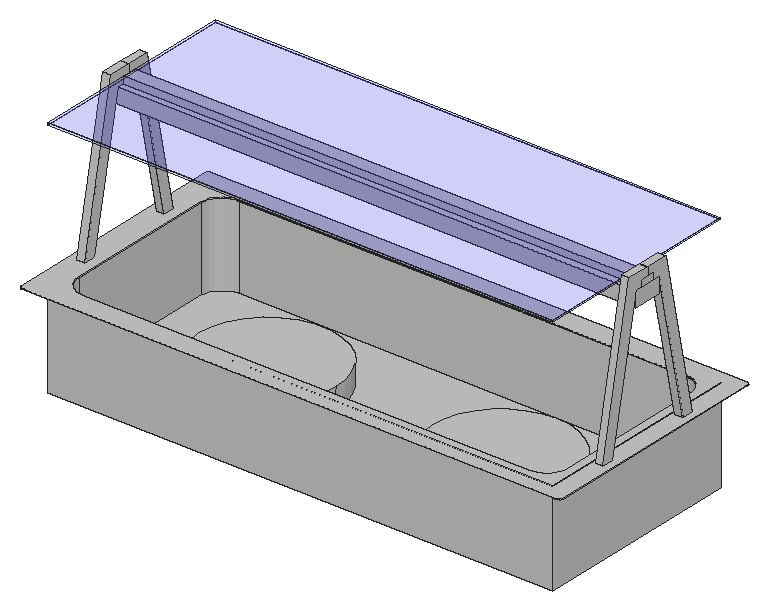
Revit family "QF_ELECTROLUXPROFESSIONAL_341161_D03C3", category Attrezzature speciali, Revit 2020
Family settings
  Quota connettore circolare = Usa diametro
  Tipo di parte = Normale
  Basato su piano di lavoro = No
  Sempre verticale = Sì
  Taglio con vuoti quando caricato = No
  Condiviso = No
  Punto di calcolo locali = No
Parameters (values of type "Standard")
  Weight = 57.05 kg
  Watts = 0 W
  Volts = 220 V
  URL Manufacturer = "https://www.electroluxprofessional.com/"
  URL = "https://www.electroluxprofessional.com/"
  Steam Supply Size = 0 mm
  Steam Supply Minimum Pressure = 0.0 Pa
  Steam Supply Maximum Pressure = 0.0 Pa
  Steam Consumption per Hour = 0
  Refrigeration Suction Line Size = 0 mm
  Refrigeration Liquid Line Size = 0 mm
  Refrigerant Compressor Remote = yes
  Prospetto di default = 0 mm
  Produttore = "Electrolux Professional"
  Phase = 1
  Modello = "D03C3"
  Length Actual = 1420 mm  # constant formula
  Item Number = "341161"
  Hot Water Size = 0 mm
  Height Actual = 680 mm  # constant formula
  HP = "0 HP"
  Gas Size = 0 mm
  Gas KW = 0
  Gas Input Pressure = 0 W
  Direct Waste Size = 0 mm
  Descrizione = "DROP-IN BAIN-MARIE, AIR VENTILATED, SINGLE WELL, 4GN WITH A TYPE OVERSHELF AND HALOGEN LAMP"
  Depth Actual = 620 mm  # constant formula
  Cycle = 50 Hz
  Condensate Return Size = 0 mm
  Compressed Air Volume = 0.0 L/s
  Compressed Air Size = 0 mm
  Compressed Air Pressure = 0.0 Pa
  Cold Water Size = 0 mm
  Accessory = yes
Reference planes
  plane 1 "BACK": y = 0
  plane 2: z = 5.426
  plane 3 "LEFT": x = 0
  plane 4: y = -620
  plane 5: x = 1420
  plane 6: z = 409.426
  plane 7: y = -310
  plane 8: x = 710
Forms (mm)
  Extrusion 1, solid, material "QF_Finishes_Stainless Steel"
    sketch origin (0, 0, 5.426) x (1, 0, 0) y (0, 1, 0)
      loop
        arc (10, 0) -> (2.929, -2.929) -> (0, -10) r 10
        line (0, -10) -> (0, -610)
        arc (0, -610) -> (2.929, -617.071) -> (10, -620) r 10
        line (10, -620) -> (1410, -620)
        arc (1410, -620) -> (1417.071, -617.071) -> (1420, -610) r 10
        line (1420, -610) -> (1420, -10)
        arc (1420, -10) -> (1417.071, -2.929) -> (1410, 0) r 10
        line (1410, 0) -> (10, 0)
    from 0 to 1
  Extrusion 2, solid, material "QF_Finishes_Stainless Steel"
    sketch origin (0, 0, 12.548) x (1, 0, 0) y (0, 1, 0)
      loop
        line (50, -35) -> (50, -585) -> (1370, -585) -> (1370, -35) -> (50, -35)
    from -251.122 to -7.122
  Extrusion 3, void
    sketch origin (0, 0, -2.817) x (1, 0, 0) y (0, 1, 0)
      loop
        arc (125, -55) -> (86.109, -71.109) -> (70, -110) r 55
        line (70, -110) -> (70, -510)
        arc (70, -510) -> (86.109, -548.891) -> (125, -565) r 55
        line (125, -565) -> (1295, -565)
        arc (1295, -565) -> (1333.891, -548.891) -> (1350, -510) r 55
        line (1350, -510) -> (1350, -110)
        arc (1350, -110) -> (1333.891, -71.109) -> (1295, -55) r 55
        line (1295, -55) -> (125, -55)
    from -209.107 to 9.244
  Extrusion 4, solid, material "QF_Finishes_Stainless Steel"
    sketch origin (21.5, -620, 0) x (0, -1, 0) y (0, 0, -1)
      loop
        line (-310, -409.426) -> (-250.873, -409.426) -> (-165, -5.426) -> (-195, -5.426) -> (-272.583, -370.426) -> (-310, -370.426) -> (-310, -409.426)
    from 0 to 20
  Extrusion 5, solid, material "QF_Finishes_Stainless Steel"
    sketch origin (21.5, 0, 0) x (0, 1, 0) y (0, 0, 1)
      loop
        line (-310, 409.426) -> (-310, 370.426) -> (-272.583, 370.426) -> (-195, 5.426) -> (-165, 5.426) -> (-250.873, 409.426) -> (-310, 409.426)
    from 0 to 20
  Extrusion 6, solid, material "QF_Finishes_Stainless Steel"
    sketch origin (1398.5, -620, 0) x (0, -1, 0) y (0, 0, 1)
      loop
        line (-310, 409.426) -> (-310, 370.426) -> (-272.583, 370.426) -> (-195, 5.426) -> (-165, 5.426) -> (-250.873, 409.426) -> (-310, 409.426)
    from 0 to 20
  Extrusion 7, solid, material "QF_Finishes_Stainless Steel"
    sketch origin (1398.5, 0, 0) x (0, 1, 0) y (0, 0, -1)
      loop
        line (-310, -409.426) -> (-250.873, -409.426) -> (-165, -5.426) -> (-195, -5.426) -> (-272.583, -370.426) -> (-310, -370.426) -> (-310, -409.426)
    from 0 to 20
  Extrusion 8, solid, material "QF_Finishes_Stainless Steel"
    sketch origin (0, 0, 0) x (0, 1, 0) y (0, 0, 1)
      loop
        line (-291.292, 370.426) -> (-291.292, 387.956) -> (-328.917, 387.956) -> (-328.917, 370.426) -> (-291.292, 370.426)
    from 21.5 to 1398.5
  Extrusion 9, solid, material "Vetro"
    sketch origin (0, 0, 5.426) x (1, 0, 0) y (0, 1, 0)
      loop
        line (50, -35) -> (50, -585) -> (1370, -585) -> (1370, -35) -> (50, -35)
    from 382.529 to 387.529
  Extrusion 10, solid, material "QF_Finishes_Stainless Steel"
    sketch origin (329.693, -341.308, -643.387) x (0, 0, -1) y (0, 1, 0)
      loop
        circle (-372.814, -140.692) r 12.7
    from 5 to 70.307
  Extrusion 11, solid, material "QF_Finishes_Stainless Steel"
    sketch origin (0, 0, 0) x (0, 1, 0) y (0, 0, 1)
      loop
        line (-272.583, 370.426) -> (-347.583, 370.426) -> (-347.583, 330.426) -> (-272.583, 330.426) -> (-272.583, 370.426)
    from 21.5 to 1398.5
  Extrusion 12, solid, material "QF_Finishes_Stainless Steel"
    sketch origin (34.947, 0, 0) x (0, 1, 0) y (0, 0, 1)
      loop
        line (-280.414, 330.426) -> (-340.414, 330.426) -> (-340.414, 325.426) -> (-280.414, 325.426) -> (-280.414, 330.426)
    from 113.553 to 313.553
  Extrusion 13, solid, material "QF_Finishes_Stainless Steel"
    sketch origin (769.053, 0, 0) x (0, 1, 0) y (0, 0, -1)
      loop
        line (-280.414, -330.426) -> (-280.414, -325.426) -> (-340.414, -325.426) -> (-340.414, -330.426) -> (-280.414, -330.426)
    from 113.553 to 313.553
  Extrusion 14, solid, material "QF_Finishes_Stainless Steel"
    sketch origin (1385.053, 0, 0) x (0, 1, 0) y (0, 0, -1)
      loop
        line (-280.414, -330.426) -> (-280.414, -325.426) -> (-340.414, -325.426) -> (-340.414, -330.426) -> (-280.414, -330.426)
    from 113.553 to 313.553
  Extrusion 15, solid, material "QF_Finishes_Stainless Steel"
    sketch origin (650.947, 0, 0) x (0, 1, 0) y (0, 0, 1)
      loop
        line (-280.414, 330.426) -> (-340.414, 330.426) -> (-340.414, 325.426) -> (-280.414, 325.426) -> (-280.414, 330.426)
    from 113.553 to 313.553
  Extrusion 16, solid, material "QF_Finishes_Stainless Steel"
    sketch origin (0, 0, 5.426) x (1, 0, 0) y (0, 1, 0)
      loop
        circle (386.025, -481.971) r 12.675
    from -276 to -244
  Extrusion 17, solid, material "QF_Finishes_Stainless Steel"
    sketch origin (0, 0, 22.375) x (1, 0, 0) y (0, 1, 0)
      loop
        circle (1015.693, -310) r 180
    from -234.299 to -181.299
  Extrusion 18, solid, material "QF_Finishes_Stainless Steel"
    sketch origin (1420, 0, 22.375) x (-1, 0, 0) y (0, -1, 0)
      loop
        circle (1015.693, 310) r 180
    from -234.299 to -181.299
  Extrusion 19, solid, material "QF_Finishes_Stainless Steel"
    sketch origin (0, 0, 0.351) x (0, 1, 0) y (0, 0, 1)
      loop
        line (-161.185, -238.924) -> (-461.185, -238.924) -> (-461.185, -268.924) -> (-161.185, -268.924) -> (-161.185, -238.924)
    from 247.74 to 572.66
  Extrusion 20, solid, material "QF_Finishes_Stainless Steel"
    sketch origin (1420, 0, 0.351) x (0, 1, 0) y (0, 0, -1)
      loop
        line (-161.185, 238.924) -> (-161.185, 268.924) -> (-461.185, 268.924) -> (-461.185, 238.924) -> (-161.185, 238.924)
    from 247.74 to 572.66
Cuts and joins
  Extrusion 3 cuts Extrusion 1
  Extrusion 3 cuts Extrusion 2
Dimensions and locks
  equal spacing: Extrusion 1, Extrusion 2 sketch curve, Extrusion 2 sketch curve, Extrusion 1  (x2)
  Extrusion 1 to Extrusion 1 = 1420 mm
  Extrusion 1 to plane 1 "BACK" = 620 mm
  equal spacing: Extrusion 2, Extrusion 3 sketch curve, Extrusion 3 sketch curve, Extrusion 2  (x2)
  plane 6 to plane 2 = 404 mm
  equal spacing: plane 3 "LEFT", plane 8, plane 5
  Extrusion 11 sketch curve to cut or joined group of Extrusion 1, Extrusion 3 = 324 mm
  Extrusion 5 to plane 8 to Extrusion 7 = 668.5 mm, 668.5 mm
  aligned and locked: level to plane 2
Automatic sketch dimensions
  Extrusion 1 sketch curve to plane 3 "LEFT" = 0 mm
  plane 4 to Extrusion 1 sketch curve = 0 mm
  plane 1 "BACK" to Extrusion 1 sketch curve = 0 mm
  Extrusion 1 sketch curve to plane 5 = 0 mm
  plane 3 "LEFT" to Extrusion 1 sketch curve = 10 mm  (x2)
  plane 5 to Extrusion 1 sketch curve = 10 mm  (x2)
  plane 3 "LEFT" to Extrusion 2 sketch curve = 50 mm
  plane 5 to Extrusion 2 sketch curve = 50 mm
  Extrusion 2 sketch curve to plane 4 = 35 mm
  plane 1 "BACK" to Extrusion 2 sketch curve = 35 mm
  plane 3 "LEFT" to Extrusion 3 sketch curve = 70 mm
  Extrusion 3 sketch curve to Extrusion 3 sketch curve = 55 mm  (x3)
  Extrusion 3 sketch curve to plane 4 = 55 mm
  plane 5 to Extrusion 3 sketch curve = 125 mm  (x2)
  plane 1 "BACK" to Extrusion 3 sketch curve = 110 mm
  Extrusion 4 sketch curve to plane 7 = 0 mm
  plane 6 to Extrusion 4 sketch curve = 0 mm
  Extrusion 4 sketch curve to level = 0 mm
  Extrusion 4 sketch curve to Extrusion 4 sketch curve = 37.417 mm
  Extrusion 4 sketch curve to Extrusion 4 sketch curve = 21.71 mm
  plane 7 to Extrusion 4 sketch curve = 115 mm
  Extrusion 4 sketch curve to Extrusion 4 sketch curve = 30 mm
  Extrusion 4 sketch curve to Extrusion 4 sketch curve = 39 mm
  Extrusion 5 sketch curve to plane 7 = 0 mm
  plane 6 to Extrusion 5 sketch curve = 0 mm
  Extrusion 5 sketch curve to level = 0 mm
  Extrusion 5 sketch curve to Extrusion 5 sketch curve = 37.417 mm
  Extrusion 5 sketch curve to Extrusion 5 sketch curve = 21.71 mm
  plane 7 to Extrusion 5 sketch curve = 115 mm
  Extrusion 5 sketch curve to Extrusion 5 sketch curve = 30 mm
  Extrusion 5 sketch curve to Extrusion 5 sketch curve = 39 mm
  Extrusion 6 sketch curve to plane 7 = 0 mm
  plane 6 to Extrusion 6 sketch curve = 0 mm
  Extrusion 6 sketch curve to level = 0 mm
  Extrusion 6 sketch curve to Extrusion 6 sketch curve = 37.417 mm
  Extrusion 6 sketch curve to Extrusion 6 sketch curve = 21.71 mm
  Extrusion 6 sketch curve to plane 7 = 115 mm
  Extrusion 6 sketch curve to Extrusion 6 sketch curve = 30 mm
  Extrusion 6 sketch curve to Extrusion 6 sketch curve = 39 mm
  Extrusion 7 sketch curve to plane 7 = 0 mm
  plane 6 to Extrusion 7 sketch curve = 0 mm
  Extrusion 7 sketch curve to level = 0 mm
  Extrusion 7 sketch curve to Extrusion 7 sketch curve = 37.417 mm
  Extrusion 7 sketch curve to Extrusion 7 sketch curve = 21.71 mm
  plane 7 to Extrusion 7 sketch curve = 115 mm
  Extrusion 7 sketch curve to Extrusion 7 sketch curve = 30 mm
  Extrusion 7 sketch curve to Extrusion 7 sketch curve = 39 mm
  Extrusion 8 sketch curve to plane 7 = 18.917 mm
  plane 7 to Extrusion 8 sketch curve = 18.708 mm
  plane 6 to Extrusion 8 sketch curve = 39 mm
  Extrusion 8 sketch curve to Extrusion 8 sketch curve = 17.529 mm
  plane 3 "LEFT" to Extrusion 9 sketch curve = 50 mm
  plane 5 to Extrusion 9 sketch curve = 50 mm
  Extrusion 9 sketch curve to plane 4 = 35 mm
  plane 1 "BACK" to Extrusion 9 sketch curve = 35 mm
  Extrusion 10 sketch curve to level = 276 mm
  Extrusion 10 sketch curve to plane 4 = 138 mm
  Extrusion 11 sketch curve to plane 7 = 37.583 mm
  plane 7 to Extrusion 11 sketch curve = 37.417 mm
  plane 6 to Extrusion 11 sketch curve = 39 mm
  Extrusion 12 sketch curve to plane 7 = 30.414 mm
  plane 7 to Extrusion 12 sketch curve = 29.586 mm
  plane 6 to Extrusion 12 sketch curve = 84 mm
  Extrusion 12 sketch curve to Extrusion 12 sketch curve = 5 mm
  Extrusion 13 sketch curve to plane 7 = 30.414 mm
  plane 7 to Extrusion 13 sketch curve = 29.586 mm
  plane 6 to Extrusion 13 sketch curve = 79 mm
  Extrusion 13 sketch curve to Extrusion 13 sketch curve = 5 mm
  Extrusion 14 sketch curve to plane 7 = 30.414 mm
  plane 7 to Extrusion 14 sketch curve = 29.586 mm
  plane 6 to Extrusion 14 sketch curve = 79 mm
  Extrusion 14 sketch curve to Extrusion 14 sketch curve = 5 mm
  Extrusion 15 sketch curve to plane 7 = 30.414 mm
  plane 7 to Extrusion 15 sketch curve = 29.586 mm
  plane 6 to Extrusion 15 sketch curve = 84 mm
  Extrusion 15 sketch curve to Extrusion 15 sketch curve = 5 mm
  Extrusion 16 sketch curve to plane 4 = 138.029 mm
  Extrusion 16 sketch curve to plane 8 = 323.975 mm
  Extrusion 17 sketch curve to plane 7 = 0 mm
  plane 8 to Extrusion 17 sketch curve = 305.693 mm
  Extrusion 18 sketch curve to plane 7 = 0 mm
  Extrusion 18 sketch curve to plane 8 = 305.693 mm
  Extrusion 19 sketch curve to plane 7 = 151.185 mm
  plane 7 to Extrusion 19 sketch curve = 148.815 mm
  Extrusion 19 sketch curve to level = 274 mm
  Extrusion 19 sketch curve to Extrusion 19 sketch curve = 30 mm
  Extrusion 20 sketch curve to plane 7 = 151.185 mm
  plane 7 to Extrusion 20 sketch curve = 148.815 mm
  Extrusion 20 sketch curve to level = 244 mm
  Extrusion 20 sketch curve to Extrusion 20 sketch curve = 30 mm
  radius of Extrusion 10 sketch curve = 12.7 mm
  radius of Extrusion 16 sketch curve = 12.675 mm
  radius of Extrusion 17 sketch curve = 180 mm
  radius of Extrusion 18 sketch curve = 180 mm
Connectors
  piping at (334.693, -482, -270.574), diameter 25.4
    settings: on Extrusion 10, index 5, connector inside diameter 609.6 mm, connector length 0 mm, flow factor 0, pipe flow 0.0 L/s, pressure drop 0.0 Pa, fitting loss kfactor 0, connector angle 0.00°, fixture units 0, engagement length 0 mm, angle of deflection 0.00°, flow configuration 0, flow direction 0, fitting loss method 0, system type 29, joint type 0, gender type 0, connector reference index -1, connector utility 0, adjustable connector no, is connector primary yes, connector description "D"
